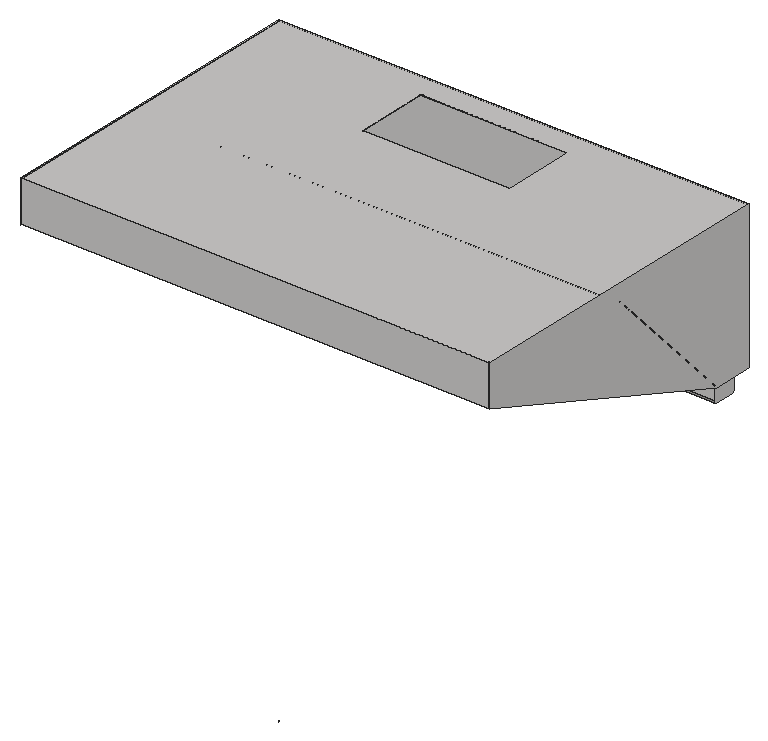
Revit family "QF_ELECTROLUXPROFESSIONAL_642090_MP1116DT", category Specialty Equipment, Revit 2014
Reference planes
  plane 1 "Center (Front/Back)": y = 0
  plane 2: z = 0
  plane 3 "Center (Left/Right)": x = 150
  plane 4 "LEFT": x = -650
  plane 5 "RIGHT": x = 950
  plane 6 "BACK": y = 550
  plane 7 "FRONT": y = -550
  plane 8 "Plane": z = 2000
  plane 9 "TOP": z = 2140
  plane 10 "Base": z = 1640
  plane 11: z = 1566
  plane 12 "DrainY": y = 485
  plane 13: x = -647
  plane 14: through (0, 414.509, 1640.8) normal (0, 0.7314, 0.682)
  plane 15: y = 470
  plane 16: y = 220
  plane 17 "DrainX": x = 830
  plane 18: x = -100
  plane 19: x = 400
  plane 20: x = 947
  plane 21: x = 740
  plane 22: x = 920
  plane 23: x = -450
  plane 24: x = 750
  plane 25: x = -47.5
  plane 26: x = 347.5
Forms (mm)
  Extrusion 1, solid, material "QF_Finishes_Stainless Steel"
    sketch origin (-650, 0, 0) x (0, 1, 0) y (0, 0, 1)
      loop
        line (550, 1640) -> (550, 2140) -> (-550, 2140) -> (-550, 1999.112) -> (413.973, 1640) -> (550, 1640)
    from 0 to 3
  Extrusion 2, solid, material "QF_Finishes_Stainless Steel"
    sketch origin (150, 0, 0) x (0, 1, 0) y (0, 0, 1)
      loop
        line (415.255, 1640) -> (550, 1640) -> (550, 2139.19) -> (549.2, 2139.19) -> (549.2, 1640.8) -> (415.876, 1640.8) -> (339.347, 1722.867) -> (349.609, 1732.436) -> (348.927, 1733.167) -> (337.934, 1722.917) -> (415.255, 1640)
      loop
        line (-82.203, 2139.19) -> (-82.203, 2118.6) -> (-31.047, 2118.6) -> (34.354, 2048.466) -> (46.028, 2059.352) -> (45.346, 2060.083) -> (34.403, 2049.879) -> (-30.612, 2119.6) -> (-81.203, 2119.6) -> (-81.203, 2139.19) -> (-82.203, 2139.19)
    from -797 to 797
  Extrusion 3, solid, material "QF_Finishes_Stainless Steel"
    sketch origin (950, 0, 0) x (0, 1, 0) y (0, 0, 1)
      loop
        line (550, 1640) -> (550, 2140) -> (-550, 2140) -> (-550, 1999.112) -> (413.973, 1640) -> (550, 1640)
    from 0 to -3
  Extrusion 4, solid, material "QF_Finishes_Stainless Steel"
    sketch origin (150, 0, 0) x (0, 1, 0) y (0, 0, 1)
      loop
        line (-550, 2140) -> (-550, 2000) -> (-549.2, 2000) -> (-549.2, 2139.19) -> (550, 2139.19) -> (550, 2140) -> (-550, 2140)
    from -800 to 800
  Extrusion 5, solid, material "QF_Finishes_Stainless Steel"
    sketch origin (150, 0, 0) x (0, 1, 0) y (0, 0, 1)
      loop
        line (534, 1640) -> (436, 1640) -> (436, 1627) -> (443.5, 1627) -> (443.5, 1576)
        arc (443.5, 1576) -> (446.429, 1568.929) -> (453.5, 1566) r 10
        line (453.5, 1566) -> (516.5, 1566)
        arc (516.5, 1566) -> (523.571, 1568.929) -> (526.5, 1576) r 10
        line (526.5, 1576) -> (526.5, 1627) -> (534, 1627) -> (534, 1640)
    from 590 to 770
  Extrusion 6, solid, material "QF_Finishes_Stainless Steel"
    sketch origin (0, 0, 1640) x (0, 1, 0) y (-1, 0, 0)
      loop
        circle (485, -830) r 20
    from -76 to -74
  Extrusion 7, solid, material "QF_Finished_Chrome"
    sketch origin (150, 0, 0) x (0, 1, 0) y (0, 0, 1)
      loop
        line (337.934, 1722.917) -> (341.591, 1726.327) -> (38.011, 2051.876) -> (34.354, 2048.466) -> (337.934, 1722.917)
    from -197.5 to -600
  Extrusion 8, solid, material "QF_Finishes_Stainless Steel"
    sketch origin (150, 0, 0) x (0, 1, 0) y (0, 0, 1)
      loop
        line (337.934, 1722.917) -> (341.591, 1726.327) -> (38.011, 2051.876) -> (34.354, 2048.466) -> (337.934, 1722.917)
    from 797 to 600
  Extrusion 9, solid, material "QF_Finished_Chrome"
    sketch origin (150, 0, 0) x (0, 1, 0) y (0, 0, 1)
      loop
        line (341.588, 1726.324) -> (38.009, 2051.874) -> (34.354, 2048.466) -> (337.934, 1722.917) -> (341.588, 1726.324)
    from 197.5 to 600
  Extrusion 10, void
    sketch origin (0, 0, 2140) x (0, 1, 0) y (-1, 0, 0)
      loop
        line (470, -400) -> (470, 100) -> (220, 100) -> (220, -400) -> (470, -400)
    from 0 to -10
  Extrusion 11, solid, material "QF_Finishes_Stainless Steel"
    sketch origin (0, 0, 0) x (1, 0, 0) y (0, 1, 0)
      loop
        line (-650, 550) -> (-650, 549) -> (-649, 549) -> (-649, 550) -> (-650, 550)
    from 0 to 1
  Extrusion 12, solid, material "QF_Finishes_Stainless Steel"
    sketch origin (150, 0, 0) x (0, 1, 0) y (0, 0, 1)
      loop
        line (337.934, 1722.917) -> (341.591, 1726.327) -> (38.011, 2051.876) -> (34.354, 2048.466) -> (337.934, 1722.917)
    from -600 to -797
  Extrusion 13, solid, material "QF_Finishes_Stainless Steel"
    sketch origin (150, 0, 0) x (0, 1, 0) y (0, 0, 1)
      loop
        line (337.934, 1722.917) -> (341.591, 1726.327) -> (38.011, 2051.876) -> (34.354, 2048.466) -> (337.934, 1722.917)
    from 197.5 to -197.5
Cuts and joins
  Extrusion 10 cuts Extrusion 4
  joined: Extrusion 2, Extrusion 4
Lines and regions (mm)
  reference lines
    curve 1: line (150, 34.354, 2048.466) -> (150, 34.354, 1888.466)
  symbolic lines, style "SpecialityEquipment", detail levels coarse
    curve 2: line (950, 550, 2140) -> (-650, 550, 2140)
    curve 3: line (-650, 550, 2140) -> (-650, -550, 2140)
    curve 4: line (950, -550, 2140) -> (950, 550, 2140)
    curve 5: line (-650, -550, 2140) -> (950, -550, 2140)
    curve 6: line (400, 220, 2140) -> (-100, 220, 2140)
    curve 7: line (400, 470, 2140) -> (400, 220, 2140)
    curve 8: line (-100, 470, 2140) -> (400, 470, 2140)
    curve 9: line (-100, 220, 2140) -> (-100, 470, 2140)
    curve 10: line (-650, 550, 0) -> (950, -550, 0)
    curve 11: line (950, 550, 0) -> (-650, -550, 0)
Dimensions and locks
  plane 4 "LEFT" to plane 5 "RIGHT" = 1600 mm
  equal spacing: plane 4 "LEFT", plane 3 "Center (Left/Right)", plane 5 "RIGHT"
  locked: plane 8 "Plane" to level at 2000
  plane 9 "TOP" to plane 8 "Plane" = 140 mm
  locked: plane 9 "TOP" to plane 10 "Base" at 500
  plane 10 "Base" to plane 11 = 74 mm
  plane 6 "BACK" to plane 12 "DrainY" = 65 mm  (x2)
  plane 4 "LEFT" to plane 13 = 3 mm
  plane 6 "BACK" to plane 15 = 80 mm
  plane 15 to plane 16 = 250 mm  (x2)
  plane 17 "DrainX" to plane 5 "RIGHT" = 120 mm
  plane 20 to plane 5 "RIGHT" = 3 mm
  locked: plane 21 to plane 17 "DrainX" at 90
  locked: plane 17 "DrainX" to plane 22 at 90
  plane 6 "BACK" to plane 7 "FRONT" = 1100 mm  (x2)
  equal spacing: plane 6 "BACK", plane 1 "Center (Front/Back)", plane 7 "FRONT"
  plane 16 to plane 7 "FRONT" = 770 mm
  plane 15 to plane 6 "BACK" = 80 mm
  plane 4 "LEFT" to plane 23 = 200 mm
  plane 24 to plane 5 "RIGHT" = 200 mm
  locked: plane 25 to plane 26 at 395
  equal spacing: plane 25, plane 3 "Center (Left/Right)", plane 26
  locked: plane 18 to plane 19 at 500
  equal spacing: plane 18, plane 3 "Center (Left/Right)", plane 19
  aligned and locked: level to plane 2
  aligned and locked: Extrusion 2 to Extrusion 1
  aligned and locked: Extrusion 2 to Extrusion 3
  aligned and locked: plane 5 "RIGHT" to Extrusion 4
  aligned and locked: Extrusion 4 to plane 4 "LEFT"
  aligned and locked: plane 20 to Extrusion 8
  aligned and locked: Extrusion 10 to plane 18
  aligned and locked: Extrusion 10 to plane 16
  aligned and locked: Extrusion 10 to plane 15
  aligned and locked: Extrusion 2 to Extrusion 4
  aligned and locked: plane 22 to Extrusion 5
  aligned and locked: Extrusion 5 to plane 21
  aligned and locked: Extrusion 8 to plane 24
  aligned and locked: Extrusion 9 to plane 24
  aligned and locked: Extrusion 7 to plane 23
  aligned and locked: Extrusion 12 to plane 13
  aligned and locked: plane 23 to Extrusion 12
  aligned and locked: Extrusion 3 to plane 20
  aligned and locked: Extrusion 10 to plane 19
  aligned and locked: plane 19 to curve 7
  aligned and locked: plane 26 to Extrusion 13
  aligned and locked: Extrusion 13 to plane 25
  aligned and locked: Extrusion 9 to plane 26
Automatic sketch dimensions
  curve 5 to plane 5 "RIGHT" = 0 mm
  curve 5 to plane 7 "FRONT" = 0 mm
  curve 6 to plane 16 = 0 mm
  plane 15 to curve 8 = 0 mm
  curve 3 to plane 4 "LEFT" = 0 mm
  curve 3 to plane 6 "BACK" = 0 mm
  curve 6 to plane 18 = 0 mm
  Extrusion 1 sketch curve to plane 7 "FRONT" = 0 mm
  Extrusion 1 sketch curve to plane 10 "Base" = 0 mm
  Extrusion 1 sketch curve to plane 6 "BACK" = 0 mm
  Extrusion 1 sketch curve to plane 9 "TOP" = 0 mm
  plane 15 to Extrusion 1 sketch curve = 56.027 mm
  Extrusion 1 sketch curve to plane 8 "Plane" = 0.888 mm
  Extrusion 2 sketch curve to plane 14 = 0 mm  (x3)
  Extrusion 2 sketch curve to plane 10 "Base" = 0 mm
  plane 14 to Extrusion 2 sketch curve = 0 mm
  Extrusion 2 sketch curve to plane 6 "BACK" = 0 mm
  Extrusion 2 sketch curve to Extrusion 2 sketch curve = 65.646 mm
  Extrusion 2 sketch curve to Extrusion 2 sketch curve = 0.682 mm  (x2)
  Extrusion 2 sketch curve to Extrusion 2 sketch curve = 10.261 mm
  plane 10 "Base" to Extrusion 2 sketch curve = 82.917 mm
  Extrusion 2 sketch curve to plane 1 "Center (Front/Back)" = 46.028 mm
  Extrusion 2 sketch curve to Extrusion 2 sketch curve = 10.942 mm
  Extrusion 2 sketch curve to Extrusion 2 sketch curve = 0.049 mm
  Extrusion 2 sketch curve to plane 9 "TOP" = 20.4 mm
  Extrusion 2 sketch curve to plane 9 "TOP" = 21.4 mm
  Extrusion 2 sketch curve to plane 9 "TOP" = 0.81 mm  (x2)
  Extrusion 2 sketch curve to Extrusion 2 sketch curve = 50.156 mm
  Extrusion 2 sketch curve to Extrusion 2 sketch curve = 1 mm
  plane 10 "Base" to Extrusion 2 sketch curve = 0.8 mm
  Extrusion 2 sketch curve to plane 6 "BACK" = 0.8 mm
  Extrusion 3 sketch curve to plane 7 "FRONT" = 0 mm
  Extrusion 3 sketch curve to plane 10 "Base" = 0 mm
  Extrusion 3 sketch curve to plane 6 "BACK" = 0 mm
  Extrusion 3 sketch curve to plane 9 "TOP" = 0 mm
  plane 15 to Extrusion 3 sketch curve = 56.027 mm
  Extrusion 3 sketch curve to plane 8 "Plane" = 0.888 mm
  Extrusion 4 sketch curve to plane 7 "FRONT" = 0 mm
  Extrusion 4 sketch curve to plane 8 "Plane" = 0 mm
  Extrusion 4 sketch curve to plane 6 "BACK" = 0 mm
  Extrusion 4 sketch curve to plane 9 "TOP" = 0 mm
  plane 7 "FRONT" to Extrusion 4 sketch curve = 0.8 mm
  Extrusion 4 sketch curve to plane 9 "TOP" = 0.81 mm
  curve 1 to plane 14 = 0 mm
  curve 1 to plane 1 "Center (Front/Back)" = 34.354 mm
  curve 1 to plane 8 "Plane" = 111.534 mm
  Extrusion 5 sketch curve to plane 10 "Base" = 0 mm
  Extrusion 5 sketch curve to plane 11 = 0 mm
  Extrusion 5 sketch curve to plane 10 "Base" = 13 mm  (x2)
  plane 15 to Extrusion 5 sketch curve = 34 mm
  Extrusion 5 sketch curve to Extrusion 5 sketch curve = 7.5 mm  (x2)
  Extrusion 5 sketch curve to Extrusion 5 sketch curve = 10 mm
  plane 12 "DrainY" to Extrusion 5 sketch curve = 31.5 mm
  Extrusion 5 sketch curve to plane 6 "BACK" = 23.5 mm
  Extrusion 6 sketch curve to plane 12 "DrainY" = 0 mm
  Extrusion 6 sketch curve to plane 17 "DrainX" = 0 mm
  Extrusion 7 sketch curve to plane 14 = 0 mm  (x2)
  Extrusion 7 sketch curve to plane 1 "Center (Front/Back)" = 34.354 mm
  Extrusion 7 sketch curve to Extrusion 7 sketch curve = 3.657 mm
  plane 10 "Base" to Extrusion 7 sketch curve = 82.917 mm
  Extrusion 8 sketch curve to plane 14 = 0 mm  (x2)
  Extrusion 8 sketch curve to plane 1 "Center (Front/Back)" = 34.354 mm
  Extrusion 8 sketch curve to Extrusion 8 sketch curve = 3.657 mm
  plane 10 "Base" to Extrusion 8 sketch curve = 82.917 mm
  Extrusion 9 sketch curve to plane 14 = 0 mm  (x2)
  Extrusion 9 sketch curve to plane 1 "Center (Front/Back)" = 34.354 mm
  Extrusion 9 sketch curve to Extrusion 9 sketch curve = 3.655 mm
  plane 10 "Base" to Extrusion 9 sketch curve = 82.917 mm
  Extrusion 10 sketch curve to plane 16 = 0 mm
  plane 15 to Extrusion 10 sketch curve = 0 mm
  Extrusion 10 sketch curve to plane 19 = 0 mm
  Extrusion 10 sketch curve to plane 18 = 0 mm
  Extrusion 11 sketch curve to plane 4 "LEFT" = 0 mm
  Extrusion 11 sketch curve to plane 6 "BACK" = 0 mm
  plane 4 "LEFT" to Extrusion 11 sketch curve = 1 mm
  Extrusion 11 sketch curve to Extrusion 11 sketch curve = 1 mm
  Extrusion 12 sketch curve to plane 14 = 0 mm  (x2)
  Extrusion 12 sketch curve to plane 1 "Center (Front/Back)" = 34.354 mm
  Extrusion 12 sketch curve to Extrusion 12 sketch curve = 3.657 mm
  plane 10 "Base" to Extrusion 12 sketch curve = 82.917 mm
  Extrusion 13 sketch curve to plane 14 = 0 mm  (x2)
  Extrusion 13 sketch curve to plane 1 "Center (Front/Back)" = 34.354 mm
  Extrusion 13 sketch curve to Extrusion 13 sketch curve = 3.657 mm
  plane 10 "Base" to Extrusion 13 sketch curve = 82.917 mm
  curve 11 to plane 4 "LEFT" = 0 mm
  curve 10 to plane 4 "LEFT" = 0 mm
  curve 11 to plane 5 "RIGHT" = 0 mm
  curve 10 to plane 5 "RIGHT" = 0 mm
  curve 10 to plane 7 "FRONT" = 0 mm
  curve 11 to plane 7 "FRONT" = 0 mm
  curve 11 to plane 6 "BACK" = 0 mm
  curve 10 to plane 6 "BACK" = 0 mm
  radius of Extrusion 6 sketch curve = 20 mm
Connectors
  piping at (830, 485, 1564), diameter 20
    settings: on Extrusion 6, index 1, connector inside diameter 609.6 mm, connector length 0 mm, flow factor 0, pipe flow 0.0 L/s, pressure drop 0.0 Pa, fitting loss kfactor 0, connector angle 0.00°, fixture units 0, engagement length 0 mm, angle of deflection 0.00°, flow configuration 1, flow direction 2, fitting loss method 0, system type 16, joint type 0, gender type 0, connector reference index -1, connector utility 0, adjustable connector no, is connector primary yes, connector description "Drain"
  hvac at (150, 345, 2140)
    settings: on Extrusion 10, index 2, duct flow 0.0 L/s, flow factor 0, pres drop 0.0 Pa, loss coef 0, conn angle 0.00°, conn width 250 mm, conn height 500 mm, conn diameter 609.6 mm, duct sys type 3, conn prof type 1, flow config 1, flow direction 0, loss method 0, conn ref index -1, conn util no, is conn primary yes, conn desc "EXHAUST OUTLET"
